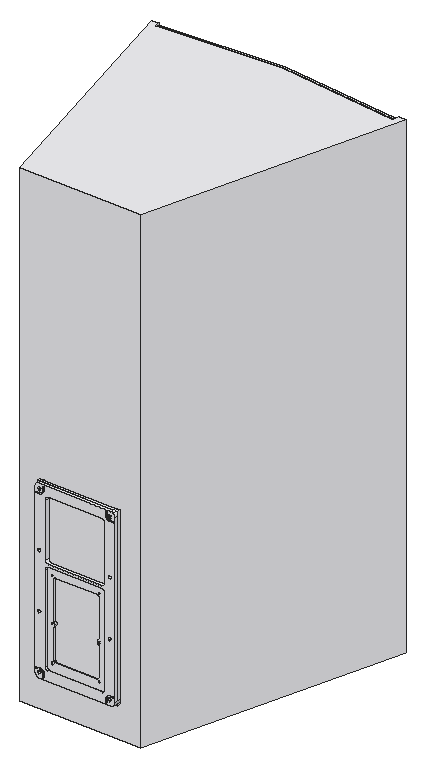
Revit family "EVF-1122D ", category Communication Devices, Revit 2017 (continued)
Types (36, lengths in mm): name | ProductInformation | PlanningTools | ModelNumber | MaterialRALColour | LoudspeakerMaterial | GrillMaterial | CTN | InstallationManual | Description | ArchitectsAndEngineersSpecs
  EVF1122D66FWLB_White_60x60_Fiberglass_Weatherized | "http://www.electrovoice.com/binary/EVF-1122D-66_Engineering_Data_Sheet.PDF" | "https://www.electrovoice.com/product.php?id=1087#downloads" | "F.01U.272.926" | "RAL9004" | 13-plyWeather-resistantBirchEVCoat -RAL9010 | 16GA Powder-coatedGalvanneal - W | "EVF1122D66FWLB" | "http://www.electrovoice.com/binary/EVF-1122D-66_Engineering_Data_Sheet.PDF" | "DH7N 76 mm diaphragm, 36 mm exit pure titanium compression driver. Coverage pattern: 60° x 60° Constant DirectivityTM 12” rotatable waveguide. 97 dB sensitivity, 131 dB maximum SPL. System rating: 600 W continuous, 2400 W peak. Active rating: LF 500 W/HF 75 W continuous (2000 W/300 W peak). (22) M10 threaded suspension points. PI version available with gland nut and stainless-steel grille" | "http://www.electrovoice.com/binary/EVF-1122D-66_Engineering_Data_Sheet.PDF"
  EVF1122D66PBLB_Black_60X60_1X12_Weatherized | "http://www.electrovoice.com/binary/EVF-1122D-66_Engineering_Data_Sheet.PDF" | "https://www.electrovoice.com/product.php?id=1087#downloads" | "F.01U.272.592" | "RAL9010" | 13-plyWeather-resistantBirchEVCoat -RAL9004 | 16GA Powder-coatedGalvanneal - B | "EVF1122D66PBLB" | "http://www.electrovoice.com/binary/EVF-1122D-66_Engineering_Data_Sheet.PDF" | "DH7N 76 mm diaphragm, 36 mm exit pure titanium compression driver. Coverage pattern: 60° x 60° Constant DirectivityTM 12” rotatable waveguide. 97 dB sensitivity, 131 dB maximum SPL. System rating: 600 W continuous, 2400 W peak. Active rating: LF 500 W/HF 75 W continuous (2000 W/300 W peak). (22) M10 threaded suspension points. PI version available with gland nut and stainless-steel grille" | "http://www.electrovoice.com/binary/EVF-1122D-66_Engineering_Data_Sheet.PDF"
